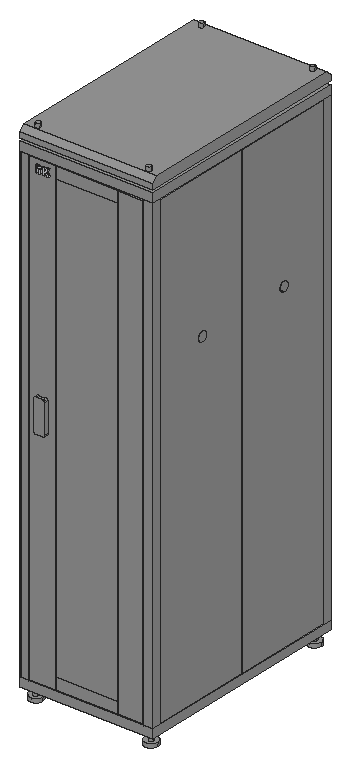
Revit family "ITK Шкаф сетевой 19 LINEA N 18U (600х1000 мм ) перфорация и перфорация и L_профиль", category Электрооборудование, Revit 2016
Family settings
  Тип детали = Другая панель
  Размер круглого соединителя = Использовать диаметр
  Номер OmniClass = 23.80.30.11.17
  Заголовок OmniClass = Distribution Boards and Control Panels
  На основе рабочей плоскости = Нет
  Всегда вертикально = Да
  При загрузке вырезать с полостями = Нет
  Общий = Нет
  Точка расчета площади = Нет
Parameters
  Ширина УГО = Ширина / 100  # 6 mm
  Ширина = 600 mm
  Степень защиты = "IP20"
  Смещение УГО по X [instance] = 1000 mm
  Основание = 50 mm
  Описание = "Напольные 19-дюймовые шкафы серии LINEA N применяются для размещения различного телекоммуникационного 19-дюймового активного и пассивного оборудования и небольших серверов, а также специализированного оборудования стандарта 19 дюймов, и отлично подходят для размещения как в офисных помещениях, так и в специализированных серверных комнатах.\r\n\r\nШирокий диапазон типоразмеров и модификаций сетевых шкафов, а также наличие большого количества комплектующих и аксессуаров к ним позволяет заказчику подобрать необходимую спецификацию в соответствии со стоящими перед ним задачами, а соответствие международным стандартам, таким как ISO9001, IEC 297, ISO/IEC 1180, обеспечивает совместимость с компонентами СКС и оборудованием других производителей.\r\n\r\nШкафы LINEA N обладают современным привлекательным дизайном и технологичной, но в то же время простой и удобной конструкцией, которая дает возможность эффективно справляться с задачами быстрого монтажа, администрирования и оперативного изменения конфигурации 19-дюймового оборудования, задачей защиты этого оборудования и поддержания для него оптимального температурного режима. Доступ внутрь шкафа возможен со всех сторон, для ввода кабеля предусмотрены вводы в верхней и нижней части. Сборка шкафа осуществляется одним специалистом и занимает не более 20 минут.\r\nРегулируемые по глубине 19-дюймовые направляющие.\r\nСовременный привлекательный дизайн.\r\nМонтажные профили имеют разметку в юнитах (U).\r\nХорошая естественная вентиляция, возможность установки дополнительных вентиляторных модулей.\r\nБоковые стенки оснащены замком и защелками.\r\nВозможность замены регулируемых ножек на ролики с тормозом.\r\nСтатическая нагрузка до 1000 кг (ножки).\r\nСборка одним человеком за 20 минут.\r\nНаличие большого количества совместимых аксессуаров и комплектующих производства ITK.\r\nВозможно исполнение в двух цветах: сером (RAL7035) и черном (RAL9005).\r\nРасширенная гарантия до 10 лет."  # constant formula
  Материал = Окраска - RAL 7035
  Крышка вентиляционная = 60 mm
  Type Comments = " "
  Assembly Code = ""
  Изготовитель = "ITK"  # constant formula
  Засечка УГО = 1.2 mm  # constant formula
  Model = ""
  Глубина УГО = Глубина / 100  # 10 mm
  Глубина = 1000 mm
  Высота = 2312 mm
  Вид установки = "Напольный"
  URL = "http://www.itk-PP-Lroup.ru/produktsiya/catalog/?page=section&id=450&pagen=1&pagec=100"
  ADSK_Ток = ADSK_Номинальная мощность / (ADSK_Коэффициент мощности * ADSK_Напряжение * sqrt(ADSK_Количество фаз числовое))  # 0 A
  ADSK_Примечание = ""
  ADSK_Полная мощность = ADSK_Номинальная мощность / ADSK_Коэффициент мощности  # 0 VA
  ADSK_Позиция [instance] = ""
  ADSK_Номинальная мощность = 0 W
  ADSK_Напряжение = 220 V
  ADSK_Наименование краткое = "LN35-47U61-PP-L"
  ADSK_Наименование = "ITK Шкаф сетевой 19\" LINEA N 47U 600х1000 мм, перфорированные передняя и задняя двери с L-профилями, серый"
  ADSK_Масса = 0
  ADSK_Марка = "LN35-47U61-PP-L"
  ADSK_Коэффициент мощности = 1
  ADSK_Количество фаз числовое = 1
  ADSK_Количество фаз = 1
  ADSK_Код изделия = ""
  ADSK_Классификация нагрузок = Прочее
  ADSK_Завод-изготовитель = "IEK"
  ADSK_Единица измерения = "шт"
  ADSK_Группирование = "I. ЩИТЫ И ПУЛЬТЫ"
Reference planes
  plane 1 "По центру (Вперед/Назад)": y = 0
  plane 2: z = 0
  plane 3 "По центру (Влево/Вправо)": x = 0
  plane 4: x = -300
  plane 5: x = 300
  plane 6: y = 500
  plane 7: y = -500
  plane 8: z = 2312
  plane 9: z = 250
  plane 10: z = 2252
  plane 11: z = 50
  plane 12 "Смещение УГО по X": x = -1000
Forms (mm)
  Extrusion 1, solid, detail levels coarse+medium
    sketch origin (0, 0, 0) x (1, 0, 0) y (0, 1, 0)
      loop
        line (-300, 500) -> (-300, -500) -> (300, -500) -> (300, 500) -> (-300, 500)
    from 0 to 2312 <- "Высота"
Lines and regions (mm)
  reference lines
    curve 1: line (0, 241.146, 0) -> (0, -338.854, 0)
Dimensions and locks
  equal spacing: plane 7, plane 1 "По центру (Вперед/Назад)", plane 6
  "Глубина": plane 7 to plane 6
  equal spacing: plane 4, plane 3 "По центру (Влево/Вправо)", plane 5
  "Ширина": plane 4 to plane 5
  "Крышка вентиляционная": plane 8 to plane 10
  "Основание": plane 11 to plane 2
  "Высота": plane 8 to plane 2
  plane 12 "Смещение УГО по X" to plane 3 "По центру (Влево/Вправо)" = 1000 mm
  "Смещение УГО по X": plane 12 "Смещение УГО по X" to curve 1
  aligned and locked: level to plane 2
  aligned and locked: plane 1 "По центру (Вперед/Назад)" to nested 1
  aligned and locked: plane 3 "По центру (Влево/Вправо)" to nested 1
  aligned and locked: plane 1 "По центру (Вперед/Назад)" to nested 2
  aligned and locked: plane 3 "По центру (Влево/Вправо)" to nested 2
  aligned and locked: plane 3 "По центру (Влево/Вправо)" to nested 3
  aligned and locked: plane 1 "По центру (Вперед/Назад)" to nested 3
  aligned and locked: plane 1 "По центру (Вперед/Назад)" to nested 4
  aligned and locked: plane 3 "По центру (Влево/Вправо)" to nested 4
  aligned and locked: Extrusion 1 sketch curve to plane 4
  aligned and locked: Extrusion 1 sketch curve to plane 6
  aligned and locked: plane 7 to Extrusion 1 sketch curve
  aligned and locked: plane 5 to Extrusion 1 sketch curve
  aligned and locked: plane 3 "По центру (Влево/Вправо)" to nested 5
  aligned and locked: plane 1 "По центру (Вперед/Назад)" to nested 5
  aligned and locked: plane 3 "По центру (Влево/Вправо)" to nested 6
  aligned and locked: plane 7 to nested 6
  aligned and locked: plane 1 "По центру (Вперед/Назад)" to nested 7
  aligned and locked: nested 7 to curve 1
  aligned and locked: nested 8 to plane 3 "По центру (Влево/Вправо)"
  aligned and locked: plane 6 to nested 8
Automatic sketch dimensions
  curve 1 to plane 7 = 161.146 mm
  curve 1 to plane 1 "По центру (Вперед/Назад)" = 241.146 mm
Nested families
  nested 1: "Стойка_комплект 4шт" at (0, 0, 0), type "Стойка_комплект 4шт", detail levels fine
    with Основание 50 mm, Глубина 1000 mm, Высота 2312 mm
  nested 2: "Основание_2шт" at (0, 0, 0), type "Основание_2шт", detail levels fine
    with Крыша вентиляционная 60 mm, Глубина 1000 mm, Высота 2312 mm
  nested 3: "Крыша вентиляционная" at (0, 0, 0), type "Крыша вентиляционная", detail levels fine
    with Крыша вентиляционная 60 mm, Глубина 1000 mm, Высота 2312 mm
  nested 4: "Ножки" at (0, 0, 0), type "Ножки", detail levels fine
    with Крыша вентиляционная 60 mm, Глубина 1000 mm, Высота 2312 mm
  nested 5: "Панель боковая (1000мм)_2шт" at (0, 0, 0), type "Панель боковая (1000мм)_2шт", detail levels fine
  nested 6: "Комплект двери перфорированной" at (0, 0, 0), type "Комплект двери перфорированной", detail levels fine
    with Глубина 1000 mm
  nested 7: "УГО (две двери)" at (0, 0, 0), type "УГО (две двери)", detail levels coarse+medium
  nested 8: "Комплект двери перфорированной" at (0, 0, 0) x (-1, 0, 0) z (0, 0, 1), type "Комплект двери перфорированной", detail levels fine
    with Глубина 1000 mm
Connectors
  electrical at (0, 500, 1156), driven by "ADSK_Напряжение", driven by "ADSK_Количество фаз", driven by "ADSK_Коэффициент мощности", driven by "ADSK_Классификация нагрузок", driven by "ADSK_Полная мощность"
    settings: on Extrusion 1, index 1, voltage 220 V, apparent load 0 VA, apparent load phase1 0 VA, apparent load phase2 0 VA, apparent load phase3 0 VA, power factor 1, load classification "Прочее", number of poles 1, system type 31, power factor state 1, is connector primary yes, connector utility no, sub classification motor no, connector description ""
Definition of nested family "Стойка_комплект 4шт"
  Parameters
    Ширина = 600 mm
    Основание = 150 mm
    Материал = none
    Крыша вентиляционная = 60 mm
    Глубина = 600 mm
    Высота = 2200 mm
  Reference planes
    plane 1 "По центру (Вперед/Назад)": y = 0
    plane 2: z = 0
    plane 3 "По центру (Влево/Вправо)": x = 0
    plane 4: x = -300
    plane 5: x = 300
    plane 6: y = 300
    plane 7: y = -300
    plane 8: y = 260
    plane 9: y = -260
    plane 10: x = -260
    plane 11: x = 260
    plane 12: z = 2100
    plane 13: z = 190
    plane 14: z = 150
    plane 15: z = 2140
    plane 16: z = 2200
  Forms (mm)
    Extrusion 1, solid, material <- "Материал"
      sketch origin (0, 0, 0) x (1, 0, 0) y (0, 1, 0)
        loop
          line (-300, -260) -> (-300, -300) -> (-260, -300) -> (-260, -280) -> (-245, -280) -> (-245, -260) -> (-260, -260) -> (-260, -245) -> (-270, -245) -> (-270, -260) -> (-300, -260)
        loop
          line (300, -260) -> (270, -260) -> (270, -245) -> (260, -245) -> (260, -260) -> (245, -260) -> (245, -280) -> (260, -280) -> (260, -300) -> (300, -300) -> (300, -260)
        loop
          line (300, 260) -> (300, 300) -> (260, 300) -> (260, 270) -> (245, 270) -> (245, 260) -> (260, 260) -> (260, 245) -> (270, 245) -> (270, 260) -> (300, 260)
        loop
          line (-300, 260) -> (-270, 260) -> (-270, 245) -> (-260, 245) -> (-260, 260) -> (-245, 260) -> (-245, 270) -> (-260, 270) -> (-260, 300) -> (-300, 300) -> (-300, 260)
        loop
          line (297, 297) -> (263, 297) -> (263, 267) -> (248, 267) -> (248, 263) -> (263, 263) -> (263, 248) -> (267, 248) -> (267, 263) -> (297, 263) -> (297, 297)
        loop
          line (-263, 297) -> (-297, 297) -> (-297, 263) -> (-267, 263) -> (-267, 248) -> (-263, 248) -> (-263, 263) -> (-248, 263) -> (-248, 267) -> (-263, 267) -> (-263, 297)
        loop
          line (-297, -263) -> (-297, -297) -> (-263, -297) -> (-263, -277) -> (-248, -277) -> (-248, -263) -> (-263, -263) -> (-263, -248) -> (-267, -248) -> (-267, -263) -> (-297, -263)
        loop
          line (263, -297) -> (297, -297) -> (297, -263) -> (267, -263) -> (267, -248) -> (263, -248) -> (263, -263) -> (248, -263) -> (248, -277) -> (263, -277) -> (263, -297)
      from 190 to 2100
  Dimensions and locks
    equal spacing: plane 7, plane 1 "По центру (Вперед/Назад)", plane 6
    equal spacing: plane 4, plane 3 "По центру (Влево/Вправо)", plane 5
    "Ширина": plane 4 to plane 5
    "Глубина": plane 7 to plane 6
    locked: plane 7 to plane 9 at 40
    locked: plane 6 to plane 8 at 40
    locked: plane 11 to plane 5 at 40
    locked: plane 4 to plane 10 at 40
    locked: plane 15 to plane 12 at 40
    "Крыша вентиляционная": plane 16 to plane 15
    locked: plane 13 to plane 14 at 40
    "Основание": plane 14 to plane 2
    "Высота": plane 16 to plane 2
    aligned and locked: level to plane 2
    aligned and locked: plane 9 to Extrusion 1 sketch curve
    aligned and locked: plane 4 to Extrusion 1 sketch curve
    aligned and locked: Extrusion 1 sketch curve to plane 7
    aligned and locked: plane 5 to Extrusion 1 sketch curve
    aligned and locked: plane 8 to Extrusion 1 sketch curve  (x2)
    aligned and locked: Extrusion 1 sketch curve to plane 11  (x2)
    aligned and locked: Extrusion 1 sketch curve to plane 6
    aligned and locked: plane 10 to Extrusion 1 sketch curve  (x2)
    aligned and locked: Extrusion 1 sketch curve to plane 8  (x2)
    aligned and locked: plane 6 to Extrusion 1 sketch curve
    aligned and locked: Extrusion 1 sketch curve to plane 4
    aligned and locked: plane 7 to Extrusion 1 sketch curve
    aligned and locked: Extrusion 1 sketch curve to plane 5
    aligned and locked: Extrusion 1 sketch curve to plane 9
    aligned and locked: plane 11 to Extrusion 1 sketch curve
    aligned and locked: plane 12 to Extrusion 1
    aligned and locked: Extrusion 1 to plane 13
  Automatic sketch dimensions
    Extrusion 1 sketch curve to plane 10 = 0 mm  (x2)
    plane 9 to Extrusion 1 sketch curve = 0 mm  (x2)
    Extrusion 1 sketch curve to plane 11 = 0 mm
    plane 4 to Extrusion 1 sketch curve = 3 mm  (x2)
    Extrusion 1 sketch curve to plane 10 = 10 mm  (x2)
    Extrusion 1 sketch curve to Extrusion 1 sketch curve = 3 mm  (x16)
    Extrusion 1 sketch curve to plane 10 = 3 mm  (x4)
    plane 10 to Extrusion 1 sketch curve = 12 mm  (x2)
    Extrusion 1 sketch curve to Extrusion 1 sketch curve = 15 mm  (x2)
    Extrusion 1 sketch curve to plane 11 = 3 mm  (x4)
    Extrusion 1 sketch curve to Extrusion 1 sketch curve = 4 mm  (x4)
    plane 5 to Extrusion 1 sketch curve = 3 mm  (x2)
    Extrusion 1 sketch curve to plane 7 = 3 mm  (x2)
    Extrusion 1 sketch curve to plane 7 = 20 mm  (x2)
    plane 9 to Extrusion 1 sketch curve = 3 mm  (x4)
    Extrusion 1 sketch curve to plane 9 = 12 mm  (x2)
    Extrusion 1 sketch curve to plane 8 = 15 mm  (x2)
    plane 8 to Extrusion 1 sketch curve = 3 mm  (x4)
    Extrusion 1 sketch curve to plane 6 = 3 mm  (x2)
Definition of nested family "Основание_2шт"
  Parameters
    Ширина = 600 mm
    Основание = 50 mm
    Материал = none
    Крыша вентиляционная = 100 mm
    Глубина = 600 mm
    Высота = 1800 mm
  Reference planes
    plane 1 "По центру (Вперед/Назад)": y = 0
    plane 2: z = 0
    plane 3 "По центру (Влево/Вправо)": x = 0
    plane 4: x = -300
    plane 5: x = 300
    plane 6: y = 300
    plane 7: y = -300
    plane 8: y = 260
    plane 9: y = -260
    plane 10: x = -260
    plane 11: x = 260
    plane 12: z = 1800
    plane 13: z = 90
    plane 14: z = 50
    plane 15: z = 1700
    plane 16: z = 1660
    plane 17: z = 1655
    plane 18: z = 95
  Forms (mm)
    Extrusion 1, solid, material <- "Материал"
      sketch origin (0, 0, 0) x (1, 0, 0) y (0, 0, 1)
        loop
          line (-300, 1700) -> (-300, 1660) -> (300, 1660) -> (300, 1700) -> (-300, 1700)
        loop
          line (-300, 90) -> (-300, 50) -> (300, 50) -> (300, 90) -> (-300, 90)
      from -300 to 300
    Extrusion 2, solid, material <- "Материал"
      sketch origin (-1511.359, -1524, 1660) x (-1, 0, 0) y (0, -1, 0)
        loop
          line (-1771.359, -1769) -> (-1771.359, -1784) -> (-1756.359, -1784) -> (-1756.359, -1814) -> (-1266.359, -1814) -> (-1266.359, -1784) -> (-1251.359, -1784) -> (-1251.359, -1769) -> (-1221.359, -1769) -> (-1221.359, -1279) -> (-1251.359, -1279) -> (-1251.359, -1264) -> (-1266.359, -1264) -> (-1266.359, -1244) -> (-1756.359, -1244) -> (-1756.359, -1264) -> (-1771.359, -1264) -> (-1771.359, -1279) -> (-1801.359, -1279) -> (-1801.359, -1769) -> (-1771.359, -1769)
      from -5 to 0
    Extrusion 3, solid, material <- "Материал"
      sketch origin (-1511.359, -1524, 384.733) x (0, 1, 0) y (1, 0, 0)
        loop
          line (1769, 1771.359) -> (1769, 1801.359) -> (1279, 1801.359) -> (1279, 1771.359) -> (1264, 1771.359) -> (1264, 1756.359) -> (1244, 1756.359) -> (1244, 1266.359) -> (1264, 1266.359) -> (1264, 1251.359) -> (1279, 1251.359) -> (1279, 1221.359) -> (1769, 1221.359) -> (1769, 1251.359) -> (1784, 1251.359) -> (1784, 1266.359) -> (1814, 1266.359) -> (1814, 1756.359) -> (1784, 1756.359) -> (1784, 1771.359) -> (1769, 1771.359)
      from 289.733 to 294.733
  Dimensions and locks
    equal spacing: plane 7, plane 1 "По центру (Вперед/Назад)", plane 6
    equal spacing: plane 4, plane 3 "По центру (Влево/Вправо)", plane 5
    "Ширина": plane 4 to plane 5
    "Глубина": plane 7 to plane 6
    locked: plane 7 to plane 9 at 40
    locked: plane 6 to plane 8 at 40
    locked: plane 11 to plane 5 at 40
    locked: plane 4 to plane 10 at 40
    "Основание": plane 14 to plane 2
    locked: plane 13 to plane 14 at 40
    locked: plane 15 to plane 16 at 40
    "Крыша вентиляционная": plane 12 to plane 15
    locked: plane 16 to plane 17 at 5
    locked: plane 18 to plane 13 at 5
    "Высота": plane 12 to plane 2
    aligned and locked: level to plane 2
    aligned and locked: Extrusion 1 sketch curve to plane 15
    aligned and locked: plane 4 to Extrusion 1 sketch curve  (x2)
    aligned and locked: plane 16 to Extrusion 1 sketch curve
    aligned and locked: plane 5 to Extrusion 1 sketch curve  (x2)
    aligned and locked: Extrusion 1 sketch curve to plane 13
    aligned and locked: plane 14 to Extrusion 1 sketch curve
    aligned and locked: plane 6 to Extrusion 1
    aligned and locked: plane 7 to Extrusion 1
    aligned and locked: plane 9 to Extrusion 2 sketch curve
    aligned and locked: Extrusion 2 sketch curve to plane 9
    aligned and locked: Extrusion 2 sketch curve to plane 10
    aligned and locked: plane 11 to Extrusion 2 sketch curve
    aligned and locked: Extrusion 2 sketch curve to plane 11
    aligned and locked: plane 8 to Extrusion 2 sketch curve
    aligned and locked: Extrusion 2 sketch curve to plane 8
    aligned and locked: plane 10 to Extrusion 2 sketch curve
    aligned and locked: plane 16 to Extrusion 2
    aligned and locked: Extrusion 2 to plane 17
    aligned and locked: Extrusion 3 to plane 13
    aligned and locked: plane 18 to Extrusion 3
    aligned and locked: Extrusion 2 sketch curve to Extrusion 3
  Automatic sketch dimensions
    plane 5 to Extrusion 2 sketch curve = 10 mm
    Extrusion 2 sketch curve to Extrusion 2 sketch curve = 15 mm  (x2)
    plane 10 to Extrusion 2 sketch curve = 15 mm  (x2)
    plane 4 to Extrusion 2 sketch curve = 10 mm
    Extrusion 2 sketch curve to plane 6 = 10 mm
    Extrusion 2 sketch curve to plane 8 = 15 mm  (x2)
    Extrusion 2 sketch curve to plane 9 = 15 mm  (x2)
    plane 9 to Extrusion 3 sketch curve = 0 mm  (x2)
    Extrusion 3 sketch curve to plane 11 = 0 mm  (x2)
    Extrusion 3 sketch curve to plane 10 = 0 mm  (x2)
    Extrusion 3 sketch curve to plane 8 = 0 mm  (x2)
    Extrusion 3 sketch curve to plane 7 = 20 mm
    Extrusion 3 sketch curve to plane 9 = 15 mm  (x2)
    Extrusion 3 sketch curve to Extrusion 3 sketch curve = 15 mm  (x3)
    Extrusion 3 sketch curve to plane 8 = 15 mm
    Extrusion 3 sketch curve to plane 6 = 10 mm
    plane 5 to Extrusion 3 sketch curve = 10 mm
    plane 10 to Extrusion 3 sketch curve = 15 mm  (x2)
    plane 4 to Extrusion 3 sketch curve = 10 mm
Definition of nested family "Крыша вентиляционная"
  Parameters
    Ширина = 600 mm
    Основание = 50 mm
    Материал = none
    Крыша вентиляционная = 65 mm
    Глубина = 600 mm
    Высота = 1805 mm
  Reference planes
    plane 1 "По центру (Вперед/Назад)": y = 0
    plane 2: z = 0
    plane 3 "По центру (Влево/Вправо)": x = 0
    plane 4: x = -300
    plane 5: x = 300
    plane 6: y = 300
    plane 7: y = -300
    plane 8: y = 260
    plane 9: y = -260
    plane 10: x = -260
    plane 11: x = 260
    plane 12: z = 1805
    plane 13: z = 50
    plane 14: z = 1740
    plane 15: z = 1820
    plane 16: z = 1755
  Forms (mm)
    Extrusion 1, solid, material <- "Материал"
      sketch origin (-1511.359, -1524, 1710) x (-1, 0, 0) y (0, -1, 0)
        loop
          circle (-1761.359, -1784) r 10
        loop
          circle (-1761.359, -1264) r 10
        loop
          circle (-1261.359, -1784) r 10
        loop
          circle (-1261.359, -1264) r 10
      from 30 to 110
    Extrusion 2, solid, material <- "Материал"
      sketch origin (0, 0, 0) x (0, 1, 0) y (0, 0, 1)
        loop
          line (-275, 1805) -> (-300, 1780) -> (-300, 1755) -> (300, 1755) -> (300, 1780) -> (275, 1805) -> (-275, 1805)
      from -300 to 300
  Cuts and joins
    joined: Extrusion 1, Extrusion 2
  Dimensions and locks
    equal spacing: plane 7, plane 1 "По центру (Вперед/Назад)", plane 6
    equal spacing: plane 4, plane 3 "По центру (Влево/Вправо)", plane 5
    "Ширина": plane 4 to plane 5
    "Глубина": plane 7 to plane 6
    locked: plane 7 to plane 9 at 40
    locked: plane 6 to plane 8 at 40
    locked: plane 11 to plane 5 at 40
    locked: plane 4 to plane 10 at 40
    "Основание": plane 13 to plane 2
    "Крыша вентиляционная": plane 12 to plane 14
    locked: plane 15 to plane 12 at 15
    locked: plane 16 to plane 14 at 15
    equal spacing: plane 12, Extrusion 2 sketch curve, plane 16  (x2)
    "Высота": plane 12 to plane 2
    locked: plane 12 to Extrusion 2 sketch curve (angle 45.00°)
    locked: Extrusion 2 sketch curve to plane 12 (angle 45.00°)
    aligned and locked: level to plane 2
    aligned and locked: Extrusion 1 to plane 14
    aligned and locked: plane 15 to Extrusion 1
    aligned and locked: Extrusion 2 sketch curve to plane 12
    aligned and locked: Extrusion 2 sketch curve to plane 7
    aligned and locked: plane 16 to Extrusion 2 sketch curve
    aligned and locked: Extrusion 2 sketch curve to plane 6
    aligned and locked: Extrusion 2 to plane 4
    aligned and locked: Extrusion 2 to plane 5
  Automatic sketch dimensions
    plane 9 to Extrusion 1 sketch curve = 0 mm  (x2)
    Extrusion 1 sketch curve to plane 8 = 0 mm  (x2)
    plane 11 to Extrusion 1 sketch curve = 10 mm  (x2)
    plane 10 to Extrusion 1 sketch curve = 10 mm  (x2)
    radius of Extrusion 1 sketch curve = 10 mm  (x4)
Definition of nested family "Ножки"
  Parameters
    Ширина = 600 mm
    Основание = 50 mm
    Материал = none
    Крыша вентиляционная = 100 mm
    Глубина = 600 mm
    Высота = 1800 mm
  Reference planes
    plane 1 "По центру (Вперед/Назад)": y = 0
    plane 2: z = 0
    plane 3 "По центру (Влево/Вправо)": x = 0
    plane 4: x = -300
    plane 5: x = 300
    plane 6: y = 300
    plane 7: y = -300
    plane 8: y = 260
    plane 9: y = -260
    plane 10: x = -260
    plane 11: x = 260
    plane 12: z = 1850
    plane 13: z = 50
    plane 14: z = 15
  Forms (mm)
    Extrusion 1, solid, material <- "Материал"
      sketch origin (-1511.359, -1524, 1710) x (-1, 0, 0) y (0, -1, 0)
        loop
          circle (-1251.359, -1784) r 30
        loop
          circle (-1771.359, -1784) r 30
        loop
          circle (-1251.359, -1264) r 30
        loop
          circle (-1771.359, -1264) r 30
      from -1710 to -1695
    Extrusion 2, solid, material <- "Материал"
      sketch origin (-1511.359, -1524, 1710) x (-1, 0, 0) y (0, -1, 0)
        loop
          circle (-1251.359, -1784) r 10
        loop
          circle (-1771.359, -1784) r 10
        loop
          circle (-1251.359, -1264) r 10
        loop
          circle (-1771.359, -1264) r 10
      from -1695 to -1660
  Dimensions and locks
    equal spacing: plane 7, plane 1 "По центру (Вперед/Назад)", plane 6
    equal spacing: plane 4, plane 3 "По центру (Влево/Вправо)", plane 5
    "Ширина": plane 4 to plane 5
    "Глубина": plane 7 to plane 6
    locked: plane 7 to plane 9 at 40
    locked: plane 6 to plane 8 at 40
    locked: plane 11 to plane 5 at 40
    locked: plane 4 to plane 10 at 40
    "Основание": plane 13 to plane 2
    "Высота": plane 12 to plane 13
    locked: plane 14 to plane 2 at 15
    aligned and locked: level to plane 2
    aligned and locked: plane 10 to Extrusion 1 sketch curve  (x2)
    aligned and locked: plane 9 to Extrusion 1 sketch curve  (x2)
    aligned and locked: plane 11 to Extrusion 1 sketch curve  (x2)
    aligned and locked: plane 8 to Extrusion 1 sketch curve  (x2)
    aligned and locked: plane 10 to Extrusion 2 sketch curve  (x2)
    aligned and locked: plane 8 to Extrusion 2 sketch curve  (x2)
    aligned and locked: plane 11 to Extrusion 2 sketch curve  (x2)
    aligned and locked: plane 9 to Extrusion 2 sketch curve  (x2)
    aligned and locked: Extrusion 1 to level
    aligned and locked: plane 14 to Extrusion 1
    aligned and locked: Extrusion 2 to plane 14
    aligned and locked: plane 13 to Extrusion 2
  Automatic sketch dimensions
    radius of Extrusion 1 sketch curve = 30 mm  (x4)
    radius of Extrusion 2 sketch curve = 10 mm  (x4)
Definition of nested family "Панель боковая (1000мм)_2шт"
  Parameters (values of type "Панель боковая (1000мм)_2шт")
    Ширина = 600 mm
    Основание = 50 mm
    Материал = none
    Крышка вентиляционная = 60 mm
    Глубина = 1000 mm
    Высота = 2312 mm
  Reference planes
    plane 1 "По центру (Вперед/Назад)": y = 0
    plane 2: z = 0
    plane 3 "По центру (Влево/Вправо)": x = 0
    plane 4: x = -300
    plane 5: x = 300
    plane 6: y = 500
    plane 7: y = -500
    plane 8: y = 460
    plane 9: y = -460
    plane 10: x = -260
    plane 11: x = 260
    plane 12: z = 90
    plane 13: z = 95
    plane 14: z = 50
    plane 15: z = 1558
    plane 16: z = 2212
    plane 17: z = 2312
    plane 18: z = 804
    plane 19: z = 2252
    plane 20: z = 2207
  Forms (mm)
    Extrusion 1, solid, material <- "Материал"
      sketch origin (0, 0, 0) x (1, 0, 0) y (0, 1, 0)
        loop
          line (-300, 455) -> (-300, 5) -> (-270, 5) -> (-270, 15) -> (-289.98, 15) -> (-289.98, 445) -> (-270, 445) -> (-270, 455) -> (-300, 455)
        loop
          line (-300, -455) -> (-270, -455) -> (-270, -445) -> (-289.98, -445) -> (-289.98, -15) -> (-270, -15) -> (-270, -5) -> (-300, -5) -> (-300, -455)
        loop
          line (300, -455) -> (300, -5) -> (270, -5) -> (270, -15) -> (289.98, -15) -> (289.98, -445) -> (270, -445) -> (270, -455) -> (300, -455)
        loop
          line (300, 455) -> (270, 455) -> (270, 445) -> (289.98, 445) -> (289.98, 15) -> (270, 15) -> (270, 5) -> (300, 5) -> (300, 455)
      from 95 to 2207
  Dimensions and locks
    equal spacing: plane 7, plane 1 "По центру (Вперед/Назад)", plane 6
    equal spacing: plane 4, plane 3 "По центру (Влево/Вправо)", plane 5
    "Ширина": plane 4 to plane 5
    "Глубина": plane 7 to plane 6
    locked: plane 7 to plane 9 at 40
    locked: plane 6 to plane 8 at 40
    locked: plane 11 to plane 5 at 40
    locked: plane 4 to plane 10 at 40
    locked: plane 13 to plane 12 at 5
    locked: plane 12 to plane 14 at 40
    "Основание": plane 14 to plane 2
    "Высота": plane 17 to plane 2
    equal spacing: plane 17, plane 15, plane 18, plane 14
    "Крышка вентиляционная": plane 17 to plane 19
    locked: plane 19 to plane 16 at 40
    locked: plane 16 to plane 20 at 5
    aligned and locked: level to plane 2
    aligned and locked: Extrusion 1 to plane 13
    aligned and locked: nested 1 to plane 15
    aligned and locked: Extrusion 1 sketch curve to plane 4
    aligned and locked: nested 3 to plane 15
    aligned and locked: plane 15 to nested 4
    aligned and locked: plane 15 to nested 2
    aligned and locked: plane 20 to Extrusion 1
  Automatic sketch dimensions
    Extrusion 1 sketch curve to plane 4 = 0 mm
    Extrusion 1 sketch curve to plane 5 = 0 mm  (x2)
    plane 4 to Extrusion 1 sketch curve = 10.02 mm  (x2)
    Extrusion 1 sketch curve to plane 10 = 10 mm  (x4)
    Extrusion 1 sketch curve to plane 9 = 5 mm  (x2)
    Extrusion 1 sketch curve to plane 1 "По центру (Вперед/Назад)" = 5 mm  (x2)
    plane 1 "По центру (Вперед/Назад)" to Extrusion 1 sketch curve = 5 mm  (x2)
    Extrusion 1 sketch curve to plane 11 = 10 mm  (x4)
    plane 5 to Extrusion 1 sketch curve = 10.02 mm  (x2)
    Extrusion 1 sketch curve to Extrusion 1 sketch curve = 10 mm  (x6)
    Extrusion 1 sketch curve to plane 8 = 15 mm  (x2)
    Extrusion 1 sketch curve to plane 8 = 5 mm  (x2)
  Nested families
    nested 1: "Замок" at (300, 230, 1558) x (0, 1, 0) z (1, 0, 0), type "Замок"
    nested 2: "Замок" at (-300, 230, 1558) x (0, 1, 0) z (-1, 0, 0), type "Замок"
    nested 3: "Замок" at (-300, -230, 1558) x (0, -1, 0) z (-1, 0, 0), type "Замок"
    nested 4: "Замок" at (300, -230, 1558) x (0, -1, 0) z (1, 0, 0), type "Замок"
  Definition of nested family "Замок"
    Parameters
      Default Elevation = 1219.2 mm
      Материал = none
    Reference planes
      plane 1 "По центру (Вперед/Назад)": y = 0
      plane 2: z = 0
      plane 3 "По центру (Влево/Вправо)": x = 0
    Forms (mm)
      Extrusion 1, solid
        sketch origin (0, 0, 0) x (1, 0, 0) y (0, 1, 0)
          loop
            line (-1219.2, 1219.2) -> (-1219.2, -1219.2) -> (1219.2, -1219.2) -> (1219.2, 1219.2) -> (-1219.2, 1219.2)
        from 0 to -304.8
      Extrusion 2, solid, material <- "Материал"
        sketch origin (0, 0, 0) x (1, 0, 0) y (0, 1, 0)
          loop
            circle (0, 0) r 20
          loop
            line (3, 8.219) -> (-3, 8.219) -> (-3, -8.219) -> (3, -8.219) -> (3, 8.219)
        from 0 to 7
    Dimensions and locks
      aligned and locked: plane 2 to Extrusion 1
      aligned and locked: level to Extrusion 1
Definition of nested family "Комплект двери перфорированной"
  Parameters (values of type "Комплект двери перфорированной")
    Ширина = 600 mm
    Основание = 50 mm
    Материал = none
    Крыша вентиляционная = 60 mm
    Глубина = 800 mm
    Высота = 2312 mm
  Reference planes
    plane 1 "По центру (Вперед/Назад)": y = 0
    plane 2: z = 0
    plane 3 "По центру (Влево/Вправо)": x = 0
    plane 4: x = -300
    plane 5: x = 300
    plane 6: y = 400
    plane 7: y = -400
    plane 8: y = 360
    plane 9: y = -360
    plane 10: x = -260
    plane 11: x = 260
    plane 12: z = 2212
    plane 13: z = 90
    plane 14: z = 2207
    plane 15: z = 95
    plane 16: z = 2252
    plane 17: z = 2312
    plane 18: z = 50
    plane 19: z = 1181
    plane 20: x = -200
    plane 21: x = -140
    plane 22: x = 140
    plane 23: z = 2157
    plane 24: z = 145
  Forms (mm)
    Extrusion 1, solid, material <- "Материал"
      sketch origin (0, 0, 0) x (1, 0, 0) y (0, 1, 0)
        loop
          line (-255, -400) -> (-140, -400) -> (-140, -380) -> (-235, -380) -> (-235, -365) -> (-245, -365) -> (-245, -380) -> (-255, -380) -> (-255, -400)
        loop
          line (255, -400) -> (255, -380) -> (245, -380) -> (245, -365) -> (235, -365) -> (235, -380) -> (140, -380) -> (140, -400) -> (255, -400)
      from 95 to 2207
    Extrusion 2, solid
      sketch origin (0, 0, 0) x (1, 0, 0) y (0, 1, 0)
        loop
          line (-140, -380) -> (-140, -400) -> (140, -400) -> (140, -380) -> (-140, -380)
      from 145 to 2157
    Extrusion 3, solid, material <- "Материал"
      sketch origin (0, 0, 0) x (1, 0, 0) y (0, 1, 0)
        loop
          line (140, -380) -> (-140, -380) -> (-140, -400) -> (140, -400) -> (140, -380)
      from 95 to 145
    Extrusion 4, solid, material <- "Материал"
      sketch origin (0, 0, 2062) x (1, 0, 0) y (0, 1, 0)
        loop
          line (140, -380) -> (-140, -380) -> (-140, -400) -> (140, -400) -> (140, -380)
      from 95 to 145
  Dimensions and locks
    equal spacing: plane 7, plane 1 "По центру (Вперед/Назад)", plane 6
    equal spacing: plane 4, plane 3 "По центру (Влево/Вправо)", plane 5
    "Ширина": plane 4 to plane 5
    "Глубина": plane 7 to plane 6
    locked: plane 7 to plane 9 at 40
    locked: plane 6 to plane 8 at 40
    locked: plane 11 to plane 5 at 40
    locked: plane 4 to plane 10 at 40
    locked: plane 12 to plane 14 at 5
    locked: plane 15 to plane 13 at 5
    locked: plane 16 to plane 12 at 40
    "Крыша вентиляционная": plane 17 to plane 16
    locked: plane 13 to plane 18 at 40
    "Основание": plane 18 to plane 2
    equal spacing: plane 17, plane 19, plane 18
    locked: plane 4 to plane 21 at 160
    locked: plane 22 to plane 5 at 160
    locked: plane 4 to plane 20 at 100
    locked: plane 14 to plane 23 at 50
    "Высота": plane 17 to plane 2
    locked: plane 24 to plane 15 at 50
    aligned and locked: level to plane 2
    aligned and locked: plane 14 to Extrusion 1
    aligned and locked: Extrusion 1 to plane 15
    aligned and locked: nested 1 to plane 19
    aligned and locked: plane 20 to nested 1
    aligned and locked: Extrusion 1 sketch curve to plane 21
    aligned and locked: Extrusion 1 sketch curve to plane 22
    aligned and locked: Extrusion 2 sketch curve to Extrusion 1  (x4)
    aligned and locked: plane 20 to nested 2
    aligned and locked: nested 2 to plane 23
    aligned and locked: Extrusion 2 to plane 24
    aligned and locked: Extrusion 3 sketch curve to Extrusion 2  (x4)
    aligned and locked: Extrusion 3 to plane 15
    aligned and locked: Extrusion 3 to Extrusion 2
    aligned and locked: Extrusion 2 to nested 2
    aligned and locked: nested 2 to Extrusion 4
    aligned and locked: plane 14 to Extrusion 4
  Automatic sketch dimensions
    plane 7 to Extrusion 1 sketch curve = 0 mm  (x2)
    Extrusion 1 sketch curve to plane 10 = 25 mm
    Extrusion 1 sketch curve to Extrusion 1 sketch curve = 10 mm  (x2)
    Extrusion 1 sketch curve to plane 10 = 5 mm
    Extrusion 1 sketch curve to plane 9 = 5 mm  (x2)
    Extrusion 1 sketch curve to plane 11 = 25 mm
    Extrusion 1 sketch curve to plane 11 = 5 mm
    plane 7 to Extrusion 1 sketch curve = 20 mm
    Extrusion 1 sketch curve to Extrusion 1 sketch curve = 15 mm
    Extrusion 1 sketch curve to Extrusion 1 sketch curve = 0 mm  (x2)
    plane 7 to Extrusion 4 sketch curve = 0 mm
    Extrusion 4 sketch curve to plane 7 = 20 mm
    plane 5 to Extrusion 4 sketch curve = 440 mm
    Extrusion 4 sketch curve to Extrusion 4 sketch curve = 280 mm
  Nested families
    nested 1: "Ручка" at (-200, -400, 1181) x (1, 0, 0) z (0, -1, 0), type "Ручка"
    nested 2: "Логотип" at (-200, -400, 2157) x (1, 0, 0) z (0, -1, 0), type "Логотип"
  Definition of nested family "Ручка"
    Parameters
      Default Elevation = 1219.2 mm
      Материал = none
    Reference planes
      plane 1 "По центру (Вперед/Назад)": y = 0
      plane 2: z = 0
      plane 3 "По центру (Влево/Вправо)": x = 0
    Forms (mm)
      Extrusion 1, solid
        sketch origin (0, 0, 0) x (1, 0, 0) y (0, 1, 0)
          loop
            line (-1219.2, 1219.2) -> (-1219.2, -1219.2) -> (1219.2, -1219.2) -> (1219.2, 1219.2) -> (-1219.2, 1219.2)
        from 0 to -304.8
      Extrusion 2, solid, material <- "Материал"
        sketch origin (0, 0, 0) x (1, 0, 0) y (0, 1, 0)
          loop
            arc (-15, 75) -> (-22.071, 72.071) -> (-25, 65) r 10
            line (-25, 65) -> (-25, -65)
            arc (-25, -65) -> (-22.071, -72.071) -> (-15, -75) r 10
            line (-15, -75) -> (15, -75)
            arc (15, -75) -> (22.071, -72.071) -> (25, -65) r 10
            line (25, -65) -> (25, 65)
            arc (25, 65) -> (22.071, 72.071) -> (15, 75) r 10
            line (15, 75) -> (-15, 75)
        from 0 to 15
    Dimensions and locks
      aligned and locked: plane 2 to Extrusion 1
      aligned and locked: level to Extrusion 1
  Definition of nested family "Логотип"
    Parameters
      Default Elevation = 1219.2 mm
      Материал = none
    Reference planes
      plane 1 "По центру (Вперед/Назад)": y = 0
      plane 2: z = 0
      plane 3 "По центру (Влево/Вправо)": x = 0
    Forms (mm)
      Extrusion 1, solid
        sketch origin (0, 0, 0) x (1, 0, 0) y (0, 1, 0)
          loop
            line (-1219.2, 1219.2) -> (-1219.2, -1219.2) -> (1219.2, -1219.2) -> (1219.2, 1219.2) -> (-1219.2, 1219.2)
        from 0 to -304.8
      Extrusion 2, solid, material <- "Материал"
        sketch origin (0, 0, 0) x (1, 0, 0) y (0, 1, 0)
          loop
            line (-24.198, 18.809) -> (-24.198, 0) -> (-15.975, 0) -> (-15.975, 18.809) -> (-24.198, 18.809)
          loop
            line (0.039, 18.809) -> (-7.705, 18.809) -> (-7.705, 0) -> (0.039, 0) -> (0.039, 18.809)
          loop
            line (-24.198, 21.431) -> (-15.975, 21.431) -> (-15.975, 29.41) -> (-24.198, 29.41) -> (-24.198, 21.431)
          loop
            line (8.482, 29.41) -> (8.482, 0) -> (16.233, 0) -> (16.233, 11.027) -> (19.197, 11.027) -> (26.358, 0) -> (35.802, 0) -> (25.102, 14.728) -> (35.802, 29.41) -> (26.358, 29.41) -> (19.197, 18.383) -> (16.233, 18.383) -> (16.233, 29.41) -> (8.482, 29.41)
          loop
            line (-13.581, 29.41) -> (-13.581, 21.431) -> (5.915, 21.431) -> (5.915, 29.41) -> (-13.581, 29.41)
        from 0 to 7
    Dimensions and locks
      aligned and locked: plane 2 to Extrusion 1
      aligned and locked: level to Extrusion 1
Definition of nested family "УГО (две двери)"
  Parameters (values of type "УГО (две двери)")
    Ширина УГО = 6 mm
    Засечка УГО = 1.2 mm
    Глубина УГО = 8 mm
  Reference planes
    plane 1: y = 0
    plane 2: x = 0
  Lines and regions (mm)
    detail lines
      curve 1: line (-3, 4, 0) -> (3, 4, 0)
      curve 2: line (-3, -4, 0) -> (-3, 4, 0)
      curve 3: line (3, -4, 0) -> (-3, -4, 0)
      curve 4: line (3, 4, 0) -> (3, -4, 0)
      curve 5: line (3, -4, 0) -> (3, -10, 0)
      curve 6: arc (-3, -4, 0) -> (-1.243, -8.243, 0) -> (3, -10, 0) r 6
      curve 7: line (3, -2.8, 0) -> (-3, -2.8, 0)
      curve 8: line (-3, 2.8, 0) -> (3, 2.8, 0)
      curve 9: line (3, 4, 0) -> (3, 10, 0)
      curve 10: arc (-3, 4, 0) -> (-1.243, 8.243, 0) -> (3, 10, 0) r 6
  Dimensions and locks
    equal spacing: curve 2, plane 2, curve 4
    "Ширина УГО": curve 2 to curve 4
    equal spacing: curve 1, plane 1, curve 3
    "Глубина УГО": curve 1 to curve 3
    "Ширина УГО": curve 3 to curve 5
    "Засечка УГО": curve 7 to curve 3
    "Засечка УГО": curve 8 to curve 1
    "Ширина УГО": curve 1 to curve 10
Types in the file's own list only (12): name | Ширина УГО | Ширина | Основание | Материал | Крышка вентиляционная | Засечка УГО | Глубина УГО | Глубина | Высота | ADSK_Ток | ADSK_Полная мощность | ADSK_Номинальная мощность | ADSK_Напряжение | ADSK_Наименование краткое | ADSK_Наименование | ADSK_Марка
  LN05-24U61-PP-L | 6 мм | 600 мм | 50 мм | Окраска - RAL 9005 | 60 мм | 1 мм | 10 мм | 1000 мм | 1290 мм | 0 А | 0 В·А | 0 Вт | 220 В | "LN05-24U61-PP-L" | "ITK Шкаф сетевой 19\" LINEA N 24U 600х1000 мм, перфорированные передняя и задняя двери с L-профилями, черный" | "LN05-24U61-PP-L"
  LN05-28U61-PP-L | 6 мм | 600 мм | 50 мм | Окраска - RAL 9005 | 60 мм | 1 мм | 10 мм | 1000 мм | 1467 мм | 0 А | 0 В·А | 0 Вт | 220 В | "LN05-28U61-PP-L" | "ITK Шкаф сетевой 19\" LINEA N 28U 600х1000 мм, перфорированные передняя и задняя двери с L-профилями, черный" | "LN05-28U61-PP-L"
  LN05-33U61-PP-L | 6 мм | 600 мм | 50 мм | Окраска - RAL 9005 | 60 мм | 1 мм | 10 мм | 1000 мм | 1690 мм | 0 А | 0 В·А | 0 Вт | 220 В | "LN05-33U61-PP-L" | "ITK Шкаф сетевой 19\" LINEA N 33U 600х1000 мм, перфорированные передняя и задняя двери с L-профилями, черный" | "LN05-33U61-PP-L"
  LN05-38U61-PP-L | 6 мм | 600 мм | 50 мм | Окраска - RAL 9005 | 60 мм | 1 мм | 10 мм | 1000 мм | 1912 мм | 0 А | 0 В·А | 0 Вт | 220 В | "LN05-38U61-PP-L" | "ITK Шкаф сетевой 19\" LINEA N 18U 600х1000 мм, перфорированные передняя и задняя двери с L-профилями, черный" | "LN05-38U61-PP-L"
  LN05-42U61-PP-L | 6 мм | 600 мм | 50 мм | Окраска - RAL 9005 | 60 мм | 1 мм | 10 мм | 1000 мм | 2090 мм | 0 А | 0 В·А | 0 Вт | 220 В | "LN05-42U61-PP-L" | "ITK Шкаф сетевой 19\" LINEA N 42U 600х1000 мм, перфорированные передняя и задняя двери с L-профилями, черный" | "LN05-42U61-PP-L"
  LN05-47U61-PP-L | 6 мм | 600 мм | 50 мм | Окраска - RAL 9005 | 60 мм | 1 мм | 10 мм | 1000 мм | 2312 мм | 0 А | 0 В·А | 0 Вт | 220 В | "LN05-47U61-PP-L" | "ITK Шкаф сетевой 19\" LINEA N 47U 600х1000 мм, перфорированные передняя и задняя двери с L-профилями, черный" | "LN05-47U61-PP-L"
  LN35-24U61-PP-L | 6 мм | 600 мм | 50 мм | Окраска - RAL 7035 | 60 мм | 1 мм | 10 мм | 1000 мм | 1290 мм | 0 А | 0 В·А | 0 Вт | 220 В | "LN35-24U61-PP-L" | "ITK Шкаф сетевой 19\" LINEA N 24U 600х1000 мм, перфорированные передняя и задняя двери с L-профилями, серый" | "LN35-24U61-PP-L"
  LN35-28U61-PP-L | 6 мм | 600 мм | 50 мм | Окраска - RAL 7035 | 60 мм | 1 мм | 10 мм | 1000 мм | 1467 мм | 0 А | 0 В·А | 0 Вт | 220 В | "LN35-28U61-PP-L" | "ITK Шкаф сетевой 19\" LINEA N 28U 600х1000 мм, перфорированные передняя и задняя двери с L-профилями, серый" | "LN35-28U61-PP-L"
  LN35-33U61-PP-L | 6 мм | 600 мм | 50 мм | Окраска - RAL 7035 | 60 мм | 1 мм | 10 мм | 1000 мм | 1690 мм | 0 А | 0 В·А | 0 Вт | 220 В | "LN35-33U61-PP-L" | "ITK Шкаф сетевой 19\" LINEA N 33U 600х1000 мм, перфорированные передняя и задняя двери с L-профилями, серый" | "LN35-33U61-PP-L"
  LN35-38U61-PP-L | 6 мм | 600 мм | 50 мм | Окраска - RAL 7035 | 60 мм | 1 мм | 10 мм | 1000 мм | 1912 мм | 0 А | 0 В·А | 0 Вт | 220 В | "LN35-38U61-PP-L" | "ITK Шкаф сетевой 19\" LINEA N 18U 600х1000 мм, перфорированные передняя и задняя двери с L-профилями, серый" | "LN35-38U61-PP-L"
  LN35-42U61-PP-L | 6 мм | 600 мм | 50 мм | Окраска - RAL 7035 | 60 мм | 1 мм | 10 мм | 1000 мм | 2090 мм | 0 А | 0 В·А | 0 Вт | 220 В | "LN35-42U61-PP-L" | "ITK Шкаф сетевой 19\" LINEA N 42U 600х1000 мм, перфорированные передняя и задняя двери с L-профилями, серый" | "LN35-42U61-PP-L"
  LN35-47U61-PP-L | 6 мм | 600 мм | 50 мм | Окраска - RAL 7035 | 60 мм | 1 мм | 10 мм | 1000 мм | 2312 мм | 0 А | 0 В·А | 0 Вт | 220 В | "LN35-47U61-PP-L" | "ITK Шкаф сетевой 19\" LINEA N 47U 600х1000 мм, перфорированные передняя и задняя двери с L-профилями, серый" | "LN35-47U61-PP-L"
